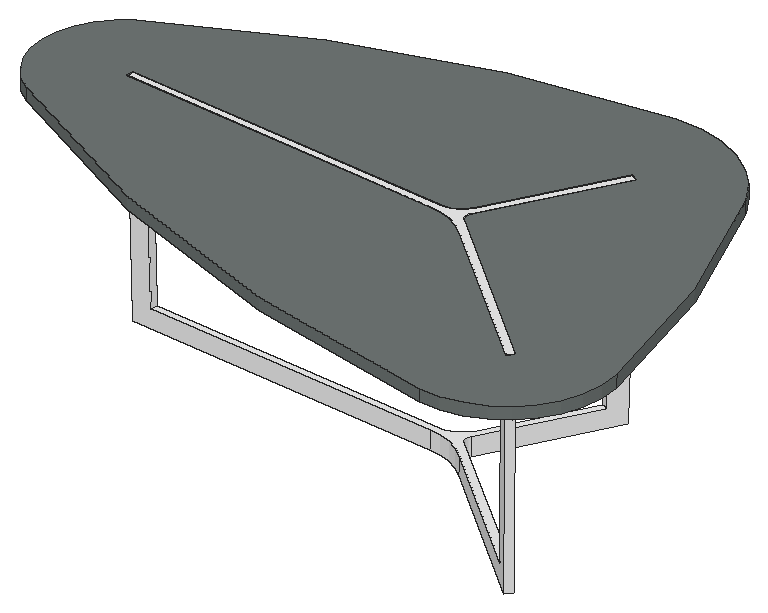
Revit family "B&B Italia Seven", category Furniture, Revit 2015
Parameters
  Wooden Top [instance] = Dark Green
  Top Thickness = 40 mm
  Overall Height = 739.973 mm
  Model = "SEVEN"
  Manufacturer = "B&B Italia"
  Leg Finish [instance] = Chrome Polished
  Description = "Seats Seven People"
Reference planes
  plane 1 "Center Front/Back": y = 0
  plane 2: z = 0
  plane 3 "Center Left/Right": x = 0
  plane 4: z = 739.973
  plane 5: y = 785
  plane 6: y = -785
  plane 7: x = -1170
  plane 8: x = 1170
  plane 9: z = 59.566
  plane 10: z = 699.973
  plane 11: z = 680.923
Forms (mm)
  Extrusion 1, solid, material "Chrome Polished" <- "Leg Finish"
    sketch origin (0, 0, 0) x (1, 0, 0) y (0, 1, 0)
      loop
        line (-828.85, 83.158) -> (-830.097, 57.818) -> (202.316, 7.009)
        arc (202.316, 7.009) -> (279.075, -9.726) -> (346.232, -50.495) r 238.468
        line (346.232, -50.495) -> (829.882, -467.121) -> (846.459, -447.876) -> (318.545, 6.879)
        arc (318.545, 6.879) -> (308.042, 25.186) -> (311.337, 46.033) r 31.75
        line (311.337, 46.033) -> (514.323, 421.53) -> (491.978, 433.609) -> (302.805, 83.663)
        arc (302.805, 83.663) -> (264.393, 44.576) -> (211.058, 31.979) r 98.775
        line (211.058, 31.979) -> (-828.85, 83.158)
    from 0 to 59.566
  Blend 2, solid, material "Chrome Polished" <- "Leg Finish"
    base sketch origin (0, 0, 0) x (1, 0, 0) y (0, 1, 0)
      loop
        line (-783.88, 80.945) -> (-847.304, 84.066) -> (-848.551, 58.726) -> (-785.127, 55.605) -> (-783.88, 80.945)
    top sketch origin (0, 0, 0) x (1, 0, 0) y (0, 1, 0)
      loop
        line (-806.126, 82.04) -> (-869.549, 85.161) -> (-870.796, 59.821) -> (-807.373, 56.7) -> (-806.126, 82.04)
    from 0 to 739.973
  Blend 3, solid, material "Chrome Polished" <- "Leg Finish"
    base sketch origin (0, 0, 0) x (1, 0, 0) y (0, 1, 0)
      loop
        line (526.401, 443.874) -> (504.057, 455.953) -> (473.86, 400.092) -> (496.204, 388.014) -> (526.401, 443.874)
    top sketch origin (0, 0, 0) x (1, 0, 0) y (0, 1, 0)
      loop
        line (536.97, 463.425) -> (514.626, 475.504) -> (484.429, 419.643) -> (506.773, 407.565) -> (536.97, 463.425)
    from 0 to 739.973
  Blend 4, solid, material "Chrome Polished" <- "Leg Finish"
    base sketch origin (0, 0, 0) x (1, 0, 0) y (0, 1, 0)
      loop
        line (844.315, -479.554) -> (860.893, -460.309) -> (812.782, -418.866) -> (796.204, -438.11) -> (844.315, -479.554)
    top sketch origin (0, 0, 0) x (1, 0, 0) y (0, 1, 0)
      loop
        line (861.154, -494.059) -> (877.732, -474.815) -> (829.621, -433.371) -> (813.043, -452.615) -> (861.154, -494.059)
    from 0 to 739.973
  Extrusion 5, solid, material "Chrome Polished" <- "Leg Finish"
    sketch origin (0, 0, 639.184) x (1, 0, 0) y (0, 1, 0)
      loop
        line (-828.85, 83.158) -> (-830.097, 57.818) -> (202.316, 7.009)
        arc (202.316, 7.009) -> (279.075, -9.726) -> (346.232, -50.495) r 238.468
        line (346.232, -50.495) -> (829.882, -467.121) -> (846.459, -447.876) -> (318.545, 6.879)
        arc (318.545, 6.879) -> (308.042, 25.186) -> (311.337, 46.033) r 31.75
        line (311.337, 46.033) -> (514.323, 421.53) -> (491.978, 433.609) -> (302.805, 83.663)
        arc (302.805, 83.663) -> (264.393, 44.576) -> (211.058, 31.979) r 98.775
        line (211.058, 31.979) -> (-828.85, 83.158)
    from 41.739 to 100.789
  Extrusion 6, solid, material "Dark Green" <- "Wooden Top"
    sketch origin (0, 0, 0) x (1, 0, 0) y (0, 1, 0)
      loop
        arc (-1036.83, -158.707) -> (-152.785, -567.62) -> (798.068, -778.869) r 4547.092
        arc (798.068, -778.869) -> (1075.199, -677.017) -> (1160.077, -394.225) r 330.2
        arc (1160.077, -394.225) -> (1035.214, 93.959) -> (835.57, 556.621) r 3213.439
        arc (835.57, 556.621) -> (660.165, 734.247) -> (415.765, 785.111) r 431.8
        arc (415.765, 785.111) -> (-338.686, 630.095) -> (-1038.197, 307.742) r 3368.194
        arc (-1038.197, 307.742) -> (-1169.092, 74.132) -> (-1036.83, -158.707) r 272.487
      loop
        line (211.058, 31.979) -> (-869.549, 85.161) -> (-870.796, 59.821) -> (202.316, 7.009)
        arc (202.316, 7.009) -> (279.075, -9.726) -> (346.232, -50.495) r 238.468
        line (346.232, -50.495) -> (861.154, -494.059) -> (877.732, -474.815) -> (318.545, 6.879)
        arc (318.545, 6.879) -> (308.042, 25.186) -> (311.337, 46.033) r 31.75
        line (311.337, 46.033) -> (536.97, 463.425) -> (514.626, 475.504) -> (302.805, 83.663)
        arc (302.805, 83.663) -> (264.393, 44.576) -> (211.058, 31.979) r 98.775
    from 699.973 to 739.973
Cuts and joins
  joined: Extrusion 1, Blend 2, Blend 3, Blend 4, Extrusion 5
Dimensions and locks
  "Overall Height": plane 4 to level
  equal spacing: plane 5, plane 1 "Center Front/Back", plane 6
  plane 5 to plane 6 = 1570 mm
  "Top Thickness": plane 4 to plane 10
  locked: plane 10 to plane 11 at 19.05
  aligned and locked: Extrusion 1 to plane 9
  aligned and locked: plane 11 to Extrusion 5
  aligned and locked: plane 4 to Extrusion 6
  aligned and locked: plane 10 to Extrusion 6
  aligned and locked: plane 4 to Extrusion 5
  aligned and locked: plane 4 to Blend 2
  aligned and locked: plane 4 to Blend 3
  aligned and locked: plane 4 to Blend 4
Automatic sketch dimensions
  Extrusion 1 sketch curve to plane 1 "Center Front/Back" = 57.818 mm
  Extrusion 1 sketch curve to plane 7 = 339.903 mm
  Extrusion 1 sketch curve to plane 1 "Center Front/Back" = 83.158 mm
  Extrusion 1 sketch curve to Extrusion 1 sketch curve = 1.247 mm
  plane 3 "Center Left/Right" to Extrusion 1 sketch curve = 190.594 mm
  Extrusion 1 sketch curve to plane 1 "Center Front/Back" = 7.009 mm
  Extrusion 1 sketch curve to Extrusion 1 sketch curve = 8.743 mm
  Extrusion 1 sketch curve to Extrusion 1 sketch curve = 4.855 mm
  Extrusion 1 sketch curve to plane 1 "Center Front/Back" = 83.663 mm
  Extrusion 1 sketch curve to Extrusion 1 sketch curve = 86.891 mm
  Extrusion 1 sketch curve to plane 1 "Center Front/Back" = 46.033 mm
  Extrusion 1 sketch curve to Extrusion 1 sketch curve = 8.532 mm
  Extrusion 1 sketch curve to plane 1 "Center Front/Back" = 6.879 mm
  Extrusion 1 sketch curve to Extrusion 1 sketch curve = 7.208 mm
  Extrusion 1 sketch curve to plane 1 "Center Front/Back" = 30.935 mm
  plane 1 "Center Front/Back" to Extrusion 1 sketch curve = 50.495 mm
  Extrusion 1 sketch curve to Extrusion 1 sketch curve = 27.686 mm
  Extrusion 1 sketch curve to Extrusion 1 sketch curve = 189.173 mm
  Extrusion 1 sketch curve to plane 5 = 363.47 mm
  Extrusion 1 sketch curve to plane 8 = 340.118 mm
  Extrusion 1 sketch curve to Extrusion 1 sketch curve = 16.577 mm
  Blend 2 sketch curve to plane 1 "Center Front/Back" = 58.726 mm
  Blend 2 sketch curve to plane 7 = 321.449 mm
  Blend 2 sketch curve to plane 1 "Center Front/Back" = 84.066 mm
  Blend 2 sketch curve to Blend 2 sketch curve = 1.247 mm  (x2)
  Blend 2 sketch curve to plane 1 "Center Front/Back" = 55.605 mm
  Blend 2 sketch curve to plane 1 "Center Front/Back" = 59.821 mm
  Blend 2 sketch curve to plane 7 = 299.204 mm
  Blend 2 sketch curve to plane 1 "Center Front/Back" = 85.161 mm
  Blend 2 sketch curve to plane 1 "Center Front/Back" = 56.7 mm
  plane 3 "Center Left/Right" to Blend 3 sketch curve = 473.86 mm
  Blend 3 sketch curve to Blend 3 sketch curve = 22.344 mm  (x2)
  Blend 3 sketch curve to Blend 3 sketch curve = 30.197 mm  (x2)
  Blend 3 sketch curve to plane 1 "Center Front/Back" = 388.014 mm
  Blend 3 sketch curve to Blend 3 sketch curve = 12.079 mm  (x2)
  plane 3 "Center Left/Right" to Blend 3 sketch curve = 484.429 mm
  Blend 3 sketch curve to plane 1 "Center Front/Back" = 407.565 mm
  Blend 4 sketch curve to plane 8 = 373.796 mm
  Blend 4 sketch curve to Blend 4 sketch curve = 16.577 mm  (x2)
  Blend 4 sketch curve to Blend 4 sketch curve = 48.111 mm  (x2)
  plane 1 "Center Front/Back" to Blend 4 sketch curve = 479.554 mm
  Blend 4 sketch curve to Blend 4 sketch curve = 19.244 mm  (x2)
  Blend 4 sketch curve to plane 8 = 356.957 mm
  plane 1 "Center Front/Back" to Blend 4 sketch curve = 494.059 mm
  Extrusion 5 sketch curve to plane 1 "Center Front/Back" = 57.818 mm
  Extrusion 5 sketch curve to plane 7 = 339.903 mm
  Extrusion 5 sketch curve to plane 1 "Center Front/Back" = 83.158 mm
  Extrusion 5 sketch curve to Extrusion 5 sketch curve = 1.247 mm
  plane 3 "Center Left/Right" to Extrusion 5 sketch curve = 190.594 mm
  Extrusion 5 sketch curve to plane 1 "Center Front/Back" = 7.009 mm
  Extrusion 5 sketch curve to Extrusion 5 sketch curve = 8.743 mm
  Extrusion 5 sketch curve to Extrusion 5 sketch curve = 4.855 mm
  Extrusion 5 sketch curve to plane 1 "Center Front/Back" = 83.663 mm
  Extrusion 5 sketch curve to Extrusion 5 sketch curve = 86.891 mm
  Extrusion 5 sketch curve to plane 1 "Center Front/Back" = 46.033 mm
  Extrusion 5 sketch curve to Extrusion 5 sketch curve = 8.532 mm
  Extrusion 5 sketch curve to plane 1 "Center Front/Back" = 6.879 mm
  Extrusion 5 sketch curve to Extrusion 5 sketch curve = 7.208 mm
  Extrusion 5 sketch curve to plane 1 "Center Front/Back" = 30.935 mm
  plane 1 "Center Front/Back" to Extrusion 5 sketch curve = 50.495 mm
  Extrusion 5 sketch curve to Extrusion 5 sketch curve = 27.686 mm
  Extrusion 5 sketch curve to Extrusion 5 sketch curve = 189.173 mm
  Extrusion 5 sketch curve to plane 5 = 363.47 mm
  Extrusion 5 sketch curve to plane 8 = 340.118 mm
  Extrusion 5 sketch curve to Extrusion 5 sketch curve = 16.577 mm
  plane 6 to Extrusion 6 sketch curve = 158.951 mm
  plane 7 to Extrusion 6 sketch curve = 835.992 mm
  Extrusion 6 sketch curve to plane 7 = 131.803 mm
  Extrusion 6 sketch curve to Extrusion 6 sketch curve = 0 mm  (x5)
  Extrusion 6 sketch curve to plane 7 = 133.17 mm
  Extrusion 6 sketch curve to plane 1 "Center Front/Back" = 74.93 mm
  Extrusion 6 sketch curve to Extrusion 6 sketch curve = 140.224 mm
  plane 5 to Extrusion 6 sketch curve = 0.111 mm
  Extrusion 6 sketch curve to plane 1 "Center Front/Back" = 354.984 mm
  Extrusion 6 sketch curve to Extrusion 6 sketch curve = 37.976 mm
  Extrusion 6 sketch curve to plane 6 = 6.131 mm
  Extrusion 6 sketch curve to Extrusion 6 sketch curve = 36.677 mm
  Extrusion 6 sketch curve to plane 1 "Center Front/Back" = 59.821 mm
  Extrusion 6 sketch curve to Extrusion 6 sketch curve = 25.811 mm
  Extrusion 6 sketch curve to Extrusion 6 sketch curve = 1.247 mm
  plane 3 "Center Left/Right" to Extrusion 6 sketch curve = 190.594 mm
  Extrusion 6 sketch curve to plane 1 "Center Front/Back" = 7.009 mm
  Extrusion 6 sketch curve to Extrusion 6 sketch curve = 8.743 mm
  Extrusion 6 sketch curve to plane 1 "Center Front/Back" = 31.979 mm
  Extrusion 6 sketch curve to Extrusion 6 sketch curve = 4.855 mm
  Extrusion 6 sketch curve to Extrusion 6 sketch curve = 86.891 mm
  Extrusion 6 sketch curve to Extrusion 6 sketch curve = 8.532 mm
  Extrusion 6 sketch curve to plane 1 "Center Front/Back" = 6.879 mm
  Extrusion 6 sketch curve to Extrusion 6 sketch curve = 7.208 mm
  Extrusion 6 sketch curve to Extrusion 6 sketch curve = 27.93 mm
  Extrusion 6 sketch curve to Extrusion 6 sketch curve = 27.686 mm
  Extrusion 6 sketch curve to Extrusion 6 sketch curve = 60.885 mm
  Extrusion 6 sketch curve to Extrusion 6 sketch curve = 22.344 mm
  Extrusion 6 sketch curve to Extrusion 6 sketch curve = 26.409 mm
  Extrusion 6 sketch curve to Extrusion 6 sketch curve = 16.577 mm
  Extrusion 6 sketch curve to Extrusion 6 sketch curve = 43.347 mm
  Extrusion 6 sketch curve to Extrusion 6 sketch curve = 19.244 mm
  Extrusion 6 sketch curve to plane 1 "Center Front/Back" = 30.935 mm
  Extrusion 6 sketch curve to Extrusion 6 sketch curve = 108.441 mm
  Extrusion 6 sketch curve to Extrusion 6 sketch curve = 12.079 mm
